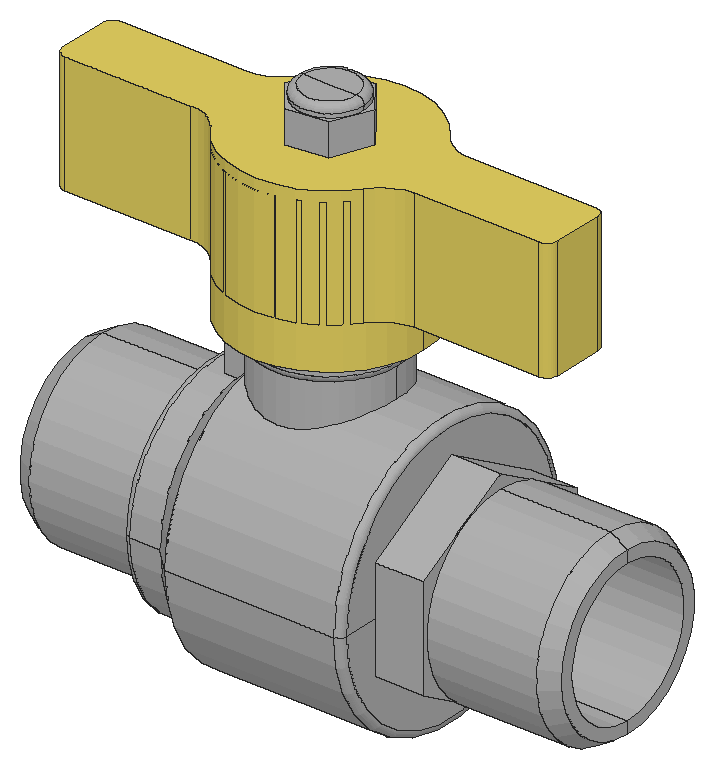
Revit family "QP02810000", category Apparecchi idraulici, Revit 2020
Family settings
  Quota connettore circolare = Usa diametro
  Tipo di parte = Normale
  Numero OmniClass = 23.45.00.00
  Titolo OmniClass = Sanitary, Laundry, and Cleaning Equipment
  Basato su piano di lavoro = No
  Sempre verticale = Sì
  Taglio con vuoti quando caricato = No
  Condiviso = No
  Punto di calcolo locali = No
Parameters
  URL = "https://web.cimberio.com/index.php/figura/313?subcategoria_id=95698"
  Temperatura di esercizio = "-20 ÷ 60°C"
  Prospetto di default = 0 mm
  Produttore = "CIMBERIO SPA"
  Pressione nominale = "MOP 5"
  Modello = "Cim 302/12G"
  Materiale = "Prodotto in lega di ottone conforme alla norma EN 12165-CW617N-DW"
  Descrizione = "Utilizzato nell’impiantistica distributiva di gas a bassa pressione per le categorie:\r\nGas naturali: gas derivati dal petrolio (Metano) e gas di ricambio.\r\nGas di città: prodotti secondo i diversi procedimenti (Cracking - Cokerie - ecc.).\r\nGas liquidi: propano e miscele di gas propano/butano"
  DN Model [instance] = QP02811020 : QP02811020
  DN [instance] = 20 mm
  Commenti sul tipo = "Realizzato in ottemperanza ai requisiti gestionali della norma EN ISO 9001.\r\nCollaudato al 100% secondo la normativa EN 12266-1"
Reference planes
  plane 1 "Centro (Fronte/Retro)": y = 0
  plane 2: z = 0
  plane 3 "Centro (Sinistra/Destra)": x = 0
Dimensions and locks
  aligned and locked: level to plane 2
Nested families
  nested 1: "QP02811020" at (0, 0, 0), type <- "DN Model", type "QP02811020"
  nested 2: "QP02811020" at (0, 0, 0), type <- "DN Model", type "QP02811020"
  nested 3: "QP02811020" at (0, 0, 0), type <- "DN Model", type "QP02811020"
  nested 4: "QP02811020" at (0, 0, 0), type <- "DN Model", type "QP02811020"
  nested 5: "QP02811020" at (0, 0, 0), type <- "DN Model", type "QP02811020"
  nested 6: "QP02811020" at (0, 0, 0), type <- "DN Model", type "QP02811020"
  nested 7: "QP02811020" at (0, 0, 0), type <- "DN Model", type "QP02811020"
  nested 8: "QP02811020" at (0, 0, 0), type <- "DN Model", type "QP02811020"
Connectors
  piping at (42.1, 0, 0), diameter 20, driven by "DN"
    settings: on nested 1, index 1, connector inside diameter 609.6 mm, connector length 0 mm, flow factor 0, pipe flow 0.0 L/s, pressure drop 0.0 Pa, fitting loss kfactor 0, connector angle 0.00°, fixture units 0, engagement length 0 mm, angle of deflection 0.00°, flow configuration 0, flow direction 0, fitting loss method 0, system type 7, joint type 0, gender type 0, connector reference index -1, connector utility 0, adjustable connector no, is connector primary yes, connector description ""
  piping at (-34.5, 0, 0), diameter 20, driven by "DN"
    settings: on nested 1, index 2, connector inside diameter 609.6 mm, connector length 0 mm, flow factor 0, pipe flow 0.0 L/s, pressure drop 0.0 Pa, fitting loss kfactor 0, connector angle 0.00°, fixture units 0, engagement length 0 mm, angle of deflection 0.00°, flow configuration 0, flow direction 0, fitting loss method 0, system type 7, joint type 0, gender type 0, connector reference index -1, connector utility 0, adjustable connector no, is connector primary no, connector description ""
Definition of nested family "QP02811020"
  Parameters (values of type "QP02811020")
    Default Elevation = 0 mm
  Reference planes
    plane 1 "Centro (Fronte/Retro)": y = 0
    plane 2: z = 0
    plane 3 "Centro (Sinistra/Destra)": x = 0
  Forms (mm)
    Revolve 1, solid
      sketch origin (0, 0, 0) x (0, 1, 0) y (-1, 0, 0)
        loop
          line (10, -17.1) -> (18.5, -17.1)
          arc (18.5, -17.1) -> (19.207, -16.807) -> (19.5, -16.1) r 1
          line (19.5, -16.1) -> (19.5, 7.75) -> (16, 11.25) -> (16, 15.5)
          arc (16, 15.5) -> (15.707, 16.207) -> (15, 16.5) r 1
          line (15, 16.5) -> (10, 16.5) -> (10, -17.1)
        axis (0, 16.5) -> (0, -17.1)
      angle from 0 to 360
    Revolve 2, solid
      sketch origin (0, 0, 0) x (1, 0, 0) y (0, 0, 1)
        loop
          line (0, 48.34) -> (-13.246, 48.34) -> (-13.246, 26.804) -> (-10.467, 26.804) -> (-10.467, 40.343) -> (0, 40.343) -> (0, 48.34)
        axis (0, 26.804) -> (0, 48.34)
      angle from 0 to 360
    Extrusion 3, solid
      sketch origin (0, 0, 61.343) x (0, 1, 0) y (-1, 0, 0)
        loop
          arc (5, 33.497) -> (4.561, 34.558) -> (3.5, 34.997) r 1.5
          line (3.5, 34.997) -> (-3.5, 34.997)
          arc (-3.5, 34.997) -> (-4.56, 34.558) -> (-5, 33.497) r 1.5
          line (-5, 33.497) -> (-5, 15.798)
          arc (-5, 15.798) -> (-5.682, 13.02) -> (-7.571, 10.874) r 6
          arc (-7.571, 10.874) -> (-13.25, 0) -> (-7.571, -10.874) r 13.25
          arc (-7.571, -10.874) -> (-5.682, -13.02) -> (-5, -15.798) r 6
          line (-5, -15.798) -> (-5, -33.5)
          arc (-5, -33.5) -> (-4.56, -34.561) -> (-3.5, -35) r 1.5
          line (-3.5, -35) -> (3.5, -35)
          arc (3.5, -35) -> (4.561, -34.561) -> (5, -33.5) r 1.5
          line (5, -33.5) -> (5, -15.74)
          arc (5, -15.74) -> (5.695, -12.995) -> (7.571, -10.874) r 6
          arc (7.571, -10.874) -> (13.25, 0) -> (7.571, 10.874) r 13.25
          arc (7.571, 10.874) -> (5.668, 13.045) -> (5, 15.855) r 6
          line (5, 15.855) -> (5, 33.497)
      from -28.543 to -11.543
    Extrusion 4, solid
      sketch origin (0, 0, 0) x (1, 0, 0) y (0, 0, 1)
        loop
          line (-15, 31.3) -> (-15, 26) -> (-13, 24.845) -> (-13, 13.385) -> (-8.743, 13.385) -> (-8.743, 31.3) -> (-15, 31.3)
      from 0 to 2.409
    Revolve 5, solid
      sketch origin (0, 0, 0) x (1, 0, 0) y (0, 0, 1)
        loop
          line (9.5, 14.697) -> (9.5, 23.54)
          arc (9.5, 23.54) -> (9.866, 23.906) -> (10, 24.406) r 1
          line (10, 24.406) -> (10, 32.01) -> (0, 32.01) -> (0, 14.697) -> (9.5, 14.697)
        axis (0, 32.01) -> (0, 14.697)
      angle from 0 to 360
    Revolve 6, solid
      sketch origin (0, 0, 0) x (1, 0, 0) y (0, 0, 1)
        loop
          line (-16.5, 13.125) -> (-32.082, 13.125) -> (-34.5, 11.682) -> (-34.5, 10) -> (-16.5, 10) -> (-16.5, 13.125)
        axis (-34.5, 0) -> (-16.5, 0)
      angle from 0 to 360
    Revolve 7, solid
      sketch origin (7.6, 0, 0) x (-1, 0, 0) y (0, 0, -1)
        loop
          line (-16.5, -13.125) -> (-16.5, -10) -> (-34.5, -10) -> (-34.5, -11.682) -> (-32.082, -13.125) -> (-16.5, -13.125)
        axis (-34.5, 0) -> (-16.5, 0)
      angle from 0 to 360
    Extrusion 8, solid
      sketch origin (0, 0, 0) x (0, 1, 0) y (0, 0, 1)
        loop
          circle (0, 0) r 10
        loop
          line (0, 15) -> (-13.5, 7.206) -> (-13.5, -7.206) -> (0, -15) -> (13.5, -7.206) -> (13.5, 7.206) -> (0, 15)
      from 17.1 to 24.1
    Extrusion 9, solid
      sketch origin (0, 0, 61.343) x (0, 1, 0) y (-1, 0, 0)
        loop
          line (0.766, -5.725) -> (5.341, -2.199) -> (4.575, 3.526) -> (-0.766, 5.725) -> (-5.341, 2.199) -> (-4.575, -3.526) -> (0.766, -5.725)
      from -11.543 to -7.043
    Revolve 10, solid
      sketch origin (0, 0, 0) x (1, 0, 0) y (0, 0, 1)
        loop
          line (0, 55.8) -> (0, 53.796) -> (4.75, 53.796) -> (4.75, 54.8)
          arc (4.75, 54.8) -> (4.457, 55.507) -> (3.75, 55.8) r 1
          line (3.75, 55.8) -> (0, 55.8)
        axis (0, 55.8) -> (0, 53.796)
      angle from 0 to 360
  Dimensions and locks
    aligned and locked: level to plane 2
